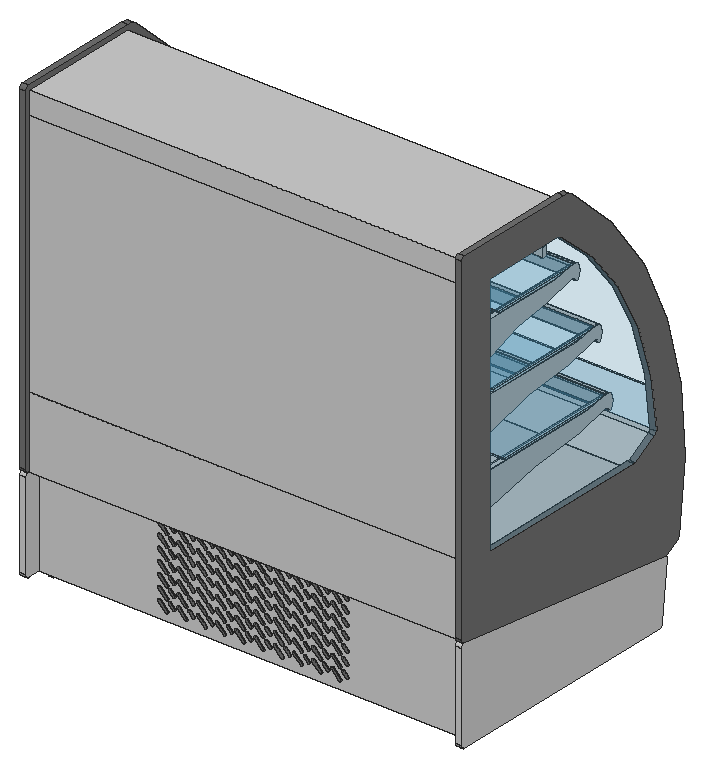
Revit family "QF_INFRICO_VBR12SS_250814022446", category Specialty Equipment, Revit 2021 (continued)
Definition of nested family "QF_INFRICO_VBR12SS_2920"
  Forms (mm)
    Extrusion 57, solid
      sketch origin (1643.376, -765.123, -1.698) x (-1, 0, 0) y (0, 0, 1)
        loop
          arc (874.612, 48.728) -> (874.612, 42.364) -> (880.976, 42.364) r 4.5
        loop
          line (860.219, 55.335) -> (871.532, 66.648)
          arc (871.532, 66.648) -> (871.532, 73.012) -> (865.168, 73.012) r 4.5
          line (865.168, 73.012) -> (853.855, 61.698)
          arc (853.855, 61.698) -> (853.855, 55.335) -> (860.219, 55.335) r 4.5
        loop
          line (880.976, 76.364) -> (902.896, 98.284)
          arc (902.896, 98.284) -> (902.896, 104.648) -> (896.532, 104.648) r 4.5
          line (896.532, 104.648) -> (874.612, 82.728)
          arc (874.612, 82.728) -> (874.612, 76.364) -> (880.976, 76.364) r 4.5
        loop
          line (860.219, 89.335) -> (871.532, 100.648)
          arc (871.532, 100.648) -> (871.532, 107.012) -> (865.168, 107.012) r 4.5
          line (865.168, 107.012) -> (853.855, 95.698)
          arc (853.855, 95.698) -> (853.855, 89.335) -> (860.219, 89.335) r 4.5
        loop
          line (880.976, 110.364) -> (902.896, 132.284)
          arc (902.896, 132.284) -> (902.896, 138.648) -> (896.532, 138.648) r 4.5
          line (896.532, 138.648) -> (874.612, 116.728)
          arc (874.612, 116.728) -> (874.612, 110.364) -> (880.976, 110.364) r 4.5
        loop
          line (860.219, 123.335) -> (871.532, 134.648)
          arc (871.532, 134.648) -> (871.532, 141.012) -> (865.168, 141.012) r 4.5
          line (865.168, 141.012) -> (853.855, 129.698)
          arc (853.855, 129.698) -> (853.855, 123.335) -> (860.219, 123.335) r 4.5
        loop
          line (880.976, 144.364) -> (902.896, 166.284)
          arc (902.896, 166.284) -> (902.896, 172.648) -> (896.532, 172.648) r 4.5
          line (896.532, 172.648) -> (874.612, 150.728)
          arc (874.612, 150.728) -> (874.612, 144.364) -> (880.976, 144.364) r 4.5
        loop
          line (860.219, 157.335) -> (871.532, 168.648)
          arc (871.532, 168.648) -> (871.532, 175.012) -> (865.168, 175.012) r 4.5
          line (865.168, 175.012) -> (853.855, 163.698)
          arc (853.855, 163.698) -> (853.855, 157.335) -> (860.219, 157.335) r 4.5
        loop
          line (880.976, 178.364) -> (902.896, 200.284)
          arc (902.896, 200.284) -> (902.896, 206.648) -> (896.532, 206.648) r 4.5
          line (896.532, 206.648) -> (874.612, 184.728)
          arc (874.612, 184.728) -> (874.612, 178.364) -> (880.976, 178.364) r 4.5
        loop
          line (860.219, 191.335) -> (871.532, 202.648)
          arc (871.532, 202.648) -> (871.532, 209.012) -> (865.168, 209.012) r 4.5
          line (865.168, 209.012) -> (853.855, 197.698)
          arc (853.855, 197.698) -> (853.855, 191.335) -> (860.219, 191.335) r 4.5
        loop
          line (880.976, 212.364) -> (902.896, 234.284)
          arc (902.896, 234.284) -> (902.896, 240.648) -> (896.532, 240.648) r 4.5
          line (896.532, 240.648) -> (874.612, 218.728)
          arc (874.612, 218.728) -> (874.612, 212.364) -> (880.976, 212.364) r 4.5
        loop
          line (860.219, 225.335) -> (871.532, 236.648)
          arc (871.532, 236.648) -> (871.532, 243.012) -> (865.168, 243.012) r 4.5
          line (865.168, 243.012) -> (853.855, 231.698)
          arc (853.855, 231.698) -> (853.855, 225.335) -> (860.219, 225.335) r 4.5
        loop
          line (880.976, 246.364) -> (902.896, 268.284)
          arc (902.896, 268.284) -> (902.896, 274.648) -> (896.532, 274.648) r 4.5
          line (896.532, 274.648) -> (874.612, 252.728)
          arc (874.612, 252.728) -> (874.612, 246.364) -> (880.976, 246.364) r 4.5
        loop
          line (860.219, 259.335) -> (871.532, 270.648)
          arc (871.532, 270.648) -> (871.532, 277.012) -> (865.168, 277.012) r 4.5
          line (865.168, 277.012) -> (853.855, 265.698)
          arc (853.855, 265.698) -> (853.855, 259.335) -> (860.219, 259.335) r 4.5
        loop
          line (824.976, 42.364) -> (846.896, 64.284)
          arc (846.896, 64.284) -> (846.896, 70.648) -> (840.532, 70.648) r 4.5
          line (840.532, 70.648) -> (818.612, 48.728)
          arc (818.612, 48.728) -> (818.612, 42.364) -> (824.976, 42.364) r 4.5
        loop
          line (804.219, 55.335) -> (815.532, 66.648)
          arc (815.532, 66.648) -> (815.532, 73.012) -> (809.168, 73.012) r 4.5
          line (809.168, 73.012) -> (797.855, 61.698)
          arc (797.855, 61.698) -> (797.855, 55.335) -> (804.219, 55.335) r 4.5
        loop
          line (824.976, 76.364) -> (846.896, 98.284)
          arc (846.896, 98.284) -> (846.896, 104.648) -> (840.532, 104.648) r 4.5
          line (840.532, 104.648) -> (818.612, 82.728)
          arc (818.612, 82.728) -> (818.612, 76.364) -> (824.976, 76.364) r 4.5
        loop
          line (804.219, 89.335) -> (815.532, 100.648)
          arc (815.532, 100.648) -> (815.532, 107.012) -> (809.168, 107.012) r 4.5
          line (809.168, 107.012) -> (797.855, 95.698)
          arc (797.855, 95.698) -> (797.855, 89.335) -> (804.219, 89.335) r 4.5
        loop
          line (824.976, 110.364) -> (846.896, 132.284)
          arc (846.896, 132.284) -> (846.896, 138.648) -> (840.532, 138.648) r 4.5
          line (840.532, 138.648) -> (818.612, 116.728)
          arc (818.612, 116.728) -> (818.612, 110.364) -> (824.976, 110.364) r 4.5
        loop
          line (804.219, 123.335) -> (815.532, 134.648)
          arc (815.532, 134.648) -> (815.532, 141.012) -> (809.168, 141.012) r 4.5
          line (809.168, 141.012) -> (797.855, 129.698)
          arc (797.855, 129.698) -> (797.855, 123.335) -> (804.219, 123.335) r 4.5
        loop
          line (824.976, 144.364) -> (846.896, 166.284)
          arc (846.896, 166.284) -> (846.896, 172.648) -> (840.532, 172.648) r 4.5
          line (840.532, 172.648) -> (818.612, 150.728)
          arc (818.612, 150.728) -> (818.612, 144.364) -> (824.976, 144.364) r 4.5
        loop
          line (804.219, 157.335) -> (815.532, 168.648)
          arc (815.532, 168.648) -> (815.532, 175.012) -> (809.168, 175.012) r 4.5
          line (809.168, 175.012) -> (797.855, 163.698)
          arc (797.855, 163.698) -> (797.855, 157.335) -> (804.219, 157.335) r 4.5
        loop
          line (824.976, 178.364) -> (846.896, 200.284)
          arc (846.896, 200.284) -> (846.896, 206.648) -> (840.532, 206.648) r 4.5
          line (840.532, 206.648) -> (818.612, 184.728)
          arc (818.612, 184.728) -> (818.612, 178.364) -> (824.976, 178.364) r 4.5
        loop
          line (804.219, 191.335) -> (815.532, 202.648)
          arc (815.532, 202.648) -> (815.532, 209.012) -> (809.168, 209.012) r 4.5
          line (809.168, 209.012) -> (797.855, 197.698)
          arc (797.855, 197.698) -> (797.855, 191.335) -> (804.219, 191.335) r 4.5
        loop
          line (824.976, 212.364) -> (846.896, 234.284)
          arc (846.896, 234.284) -> (846.896, 240.648) -> (840.532, 240.648) r 4.5
          line (840.532, 240.648) -> (818.612, 218.728)
          arc (818.612, 218.728) -> (818.612, 212.364) -> (824.976, 212.364) r 4.5
        loop
          line (804.219, 225.335) -> (815.532, 236.648)
          arc (815.532, 236.648) -> (815.532, 243.012) -> (809.168, 243.012) r 4.5
          line (809.168, 243.012) -> (797.855, 231.698)
          arc (797.855, 231.698) -> (797.855, 225.335) -> (804.219, 225.335) r 4.5
        loop
          line (824.976, 246.364) -> (846.896, 268.284)
          arc (846.896, 268.284) -> (846.896, 274.648) -> (840.532, 274.648) r 4.5
          line (840.532, 274.648) -> (818.612, 252.728)
          arc (818.612, 252.728) -> (818.612, 246.364) -> (824.976, 246.364) r 4.5
        loop
          line (804.219, 259.335) -> (815.532, 270.648)
          arc (815.532, 270.648) -> (815.532, 277.012) -> (809.168, 277.012) r 4.5
          line (809.168, 277.012) -> (797.855, 265.698)
          arc (797.855, 265.698) -> (797.855, 259.335) -> (804.219, 259.335) r 4.5
        loop
          line (768.976, 42.364) -> (790.896, 64.284)
          arc (790.896, 64.284) -> (790.896, 70.648) -> (784.532, 70.648) r 4.5
          line (784.532, 70.648) -> (762.612, 48.728)
          arc (762.612, 48.728) -> (762.612, 42.364) -> (768.976, 42.364) r 4.5
        loop
          line (748.219, 55.335) -> (759.532, 66.648)
          arc (759.532, 66.648) -> (759.532, 73.012) -> (753.168, 73.012) r 4.5
          line (753.168, 73.012) -> (741.855, 61.698)
          arc (741.855, 61.698) -> (741.855, 55.335) -> (748.219, 55.335) r 4.5
        loop
          line (768.976, 76.364) -> (790.896, 98.284)
          arc (790.896, 98.284) -> (790.896, 104.648) -> (784.532, 104.648) r 4.5
          line (784.532, 104.648) -> (762.612, 82.728)
          arc (762.612, 82.728) -> (762.612, 76.364) -> (768.976, 76.364) r 4.5
        loop
          line (748.219, 89.335) -> (759.532, 100.648)
          arc (759.532, 100.648) -> (759.532, 107.012) -> (753.168, 107.012) r 4.5
          line (753.168, 107.012) -> (741.855, 95.698)
          arc (741.855, 95.698) -> (741.855, 89.335) -> (748.219, 89.335) r 4.5
        loop
          line (768.976, 110.364) -> (790.896, 132.284)
          arc (790.896, 132.284) -> (790.896, 138.648) -> (784.532, 138.648) r 4.5
          line (784.532, 138.648) -> (762.612, 116.728)
          arc (762.612, 116.728) -> (762.612, 110.364) -> (768.976, 110.364) r 4.5
        loop
          line (748.219, 123.335) -> (759.532, 134.648)
          arc (759.532, 134.648) -> (759.532, 141.012) -> (753.168, 141.012) r 4.5
          line (753.168, 141.012) -> (741.855, 129.698)
          arc (741.855, 129.698) -> (741.855, 123.335) -> (748.219, 123.335) r 4.5
        loop
          line (768.976, 144.364) -> (790.896, 166.284)
          arc (790.896, 166.284) -> (790.896, 172.648) -> (784.532, 172.648) r 4.5
          line (784.532, 172.648) -> (762.612, 150.728)
          arc (762.612, 150.728) -> (762.612, 144.364) -> (768.976, 144.364) r 4.5
        loop
          line (748.219, 157.335) -> (759.532, 168.648)
          arc (759.532, 168.648) -> (759.532, 175.012) -> (753.168, 175.012) r 4.5
          line (753.168, 175.012) -> (741.855, 163.698)
          arc (741.855, 163.698) -> (741.855, 157.335) -> (748.219, 157.335) r 4.5
        loop
          line (768.976, 178.364) -> (790.896, 200.284)
          arc (790.896, 200.284) -> (790.896, 206.648) -> (784.532, 206.648) r 4.5
          line (784.532, 206.648) -> (762.612, 184.728)
          arc (762.612, 184.728) -> (762.612, 178.364) -> (768.976, 178.364) r 4.5
        loop
          line (748.219, 191.335) -> (759.532, 202.648)
          arc (759.532, 202.648) -> (759.532, 209.012) -> (753.168, 209.012) r 4.5
          line (753.168, 209.012) -> (741.855, 197.698)
          arc (741.855, 197.698) -> (741.855, 191.335) -> (748.219, 191.335) r 4.5
        loop
          line (768.976, 212.364) -> (790.896, 234.284)
          arc (790.896, 234.284) -> (790.896, 240.648) -> (784.532, 240.648) r 4.5
          line (784.532, 240.648) -> (762.612, 218.728)
          arc (762.612, 218.728) -> (762.612, 212.364) -> (768.976, 212.364) r 4.5
        loop
          line (748.219, 225.335) -> (759.532, 236.648)
          arc (759.532, 236.648) -> (759.532, 243.012) -> (753.168, 243.012) r 4.5
          line (753.168, 243.012) -> (741.855, 231.698)
          arc (741.855, 231.698) -> (741.855, 225.335) -> (748.219, 225.335) r 4.5
        loop
          line (768.976, 246.364) -> (790.896, 268.284)
          arc (790.896, 268.284) -> (790.896, 274.648) -> (784.532, 274.648) r 4.5
          line (784.532, 274.648) -> (762.612, 252.728)
          arc (762.612, 252.728) -> (762.612, 246.364) -> (768.976, 246.364) r 4.5
        loop
          line (748.219, 259.335) -> (759.532, 270.648)
          arc (759.532, 270.648) -> (759.532, 277.012) -> (753.168, 277.012) r 4.5
          line (753.168, 277.012) -> (741.855, 265.698)
          arc (741.855, 265.698) -> (741.855, 259.335) -> (748.219, 259.335) r 4.5
      from 0 to 2
    Extrusion 58, solid, visible <- "Show Logo"
      sketch origin (1362.72, -52.93, -305.042) x (-1, 0, 0) y (0, -0.045615, -0.998959)
        loop
          line (1208.799, -696.53) -> (1204.173, -696.53) -> (1204.173, -719.204) -> (1208.799, -719.204) -> (1208.799, -696.53)
        loop
          arc (1214.779, -713.006) -> (1215.36, -712.765) -> (1215.601, -712.184) r 0.822
          line (1215.601, -712.184) -> (1215.669, -711.361)
          arc (1215.669, -711.361) -> (1218.282, -712.674) -> (1221.141, -713.281) r 11.435
          arc (1221.141, -713.281) -> (1224.637, -712.075) -> (1226.121, -708.689) r 4.607
          line (1226.121, -708.689) -> (1226.121, -696.53) -> (1221.598, -696.53) -> (1221.598, -707.557)
          arc (1221.598, -707.557) -> (1220.929, -708.961) -> (1219.417, -709.324) r 1.806
          arc (1219.417, -709.324) -> (1217.528, -708.741) -> (1215.772, -707.832) r 11.052
          line (1215.772, -707.832) -> (1215.772, -696.53) -> (1211.283, -696.53) -> (1211.283, -713.006) -> (1214.779, -713.006)
        loop
          line (1238.557, -720.102) -> (1238.557, -717.255)
          arc (1238.557, -717.255) -> (1238.306, -716.65) -> (1237.7, -716.399) r 0.857
          line (1237.7, -716.399) -> (1236.045, -716.271)
          arc (1236.045, -716.271) -> (1234.956, -715.705) -> (1234.547, -714.548) r 1.67
          line (1234.547, -714.548) -> (1234.547, -712.938) -> (1238.249, -712.938) -> (1238.249, -709.374) -> (1234.547, -709.374) -> (1234.547, -696.53) -> (1230.024, -696.53) -> (1230.024, -709.374) -> (1227.351, -709.374) -> (1227.351, -712.703) -> (1230.024, -712.909) -> (1230.024, -715.062)
          arc (1230.024, -715.062) -> (1230.805, -717.616) -> (1232.881, -719.297) r 4.567
          arc (1232.881, -719.297) -> (1235.052, -719.926) -> (1237.306, -720.102) r 11.103
          line (1237.306, -720.102) -> (1238.557, -720.102)
        loop
          line (1239.479, -713.006) -> (1243.726, -713.006) -> (1243.899, -710.984)
          arc (1243.899, -710.984) -> (1246.197, -712.588) -> (1248.912, -713.28) r 7.833
          arc (1248.912, -713.28) -> (1249.531, -713.061) -> (1249.793, -712.458) r 0.824
          line (1249.793, -712.458) -> (1249.793, -710.265)
          arc (1249.793, -710.265) -> (1249.643, -709.758) -> (1249.241, -709.416) r 0.928
          line (1249.241, -709.416) -> (1248.077, -709.268)
          arc (1248.077, -709.268) -> (1245.873, -708.631) -> (1243.968, -707.352) r 7.435
          line (1243.968, -707.352) -> (1243.968, -696.53) -> (1239.479, -696.53) -> (1239.479, -713.006)
        loop
          line (1255.495, -696.53) -> (1251.006, -696.53) -> (1251.006, -713.006) -> (1255.495, -713.006) -> (1255.495, -696.53)
        loop
          line (1257.421, -701.327) -> (1257.421, -708.243)
          arc (1257.421, -708.243) -> (1258.571, -711.349) -> (1261.466, -712.959) r 4.772
          arc (1261.466, -712.959) -> (1264.493, -713.294) -> (1267.521, -712.959) r 13.851
          arc (1267.521, -712.959) -> (1270.524, -710.556) -> (1271.505, -706.838) r 6.132
          line (1271.505, -706.838) -> (1267.187, -706.838) -> (1267.187, -707.9)
          arc (1267.187, -707.9) -> (1266.64, -709.118) -> (1265.442, -709.705) r 1.965
          arc (1265.442, -709.705) -> (1264.547, -709.754) -> (1263.653, -709.705) r 8.196
          arc (1263.653, -709.705) -> (1262.417, -709.155) -> (1261.91, -707.9) r 1.806
          line (1261.91, -707.9) -> (1261.91, -701.67)
          arc (1261.91, -701.67) -> (1262.417, -700.415) -> (1263.653, -699.865) r 1.806
          arc (1263.653, -699.865) -> (1264.547, -699.816) -> (1265.442, -699.865) r 8.196
          arc (1265.442, -699.865) -> (1266.64, -700.452) -> (1267.187, -701.67) r 1.965
          line (1267.187, -701.67) -> (1267.187, -703.041) -> (1271.505, -703.041)
          arc (1271.505, -703.041) -> (1270.575, -699.134) -> (1267.521, -696.525) r 6.481
          arc (1267.521, -696.525) -> (1264.493, -696.266) -> (1261.466, -696.525) r 17.816
          arc (1261.466, -696.525) -> (1258.567, -698.188) -> (1257.421, -701.327) r 4.873
        loop
          line (1272.916, -701.329) -> (1272.916, -708.242)
          arc (1272.916, -708.242) -> (1273.993, -711.226) -> (1276.726, -712.837) r 4.676
          arc (1276.726, -712.837) -> (1278.515, -713.116) -> (1280.318, -713.28) r 28.371
          arc (1280.318, -713.28) -> (1282.122, -713.116) -> (1283.911, -712.837) r 28.371
          arc (1283.911, -712.837) -> (1286.644, -711.226) -> (1287.72, -708.242) r 4.676
          line (1287.72, -708.242) -> (1287.72, -701.329)
          arc (1287.72, -701.329) -> (1286.644, -698.345) -> (1283.911, -696.734) r 4.676
          arc (1283.911, -696.734) -> (1282.122, -696.455) -> (1280.318, -696.291) r 28.371
          arc (1280.318, -696.291) -> (1278.515, -696.455) -> (1276.726, -696.734) r 28.371
          arc (1276.726, -696.734) -> (1273.993, -698.345) -> (1272.916, -701.329) r 4.676
        loop
          arc (1277.405, -707.866) -> (1277.844, -709.015) -> (1278.936, -709.58) r 1.725
          arc (1278.936, -709.58) -> (1279.627, -709.653) -> (1280.318, -709.716) r 46.133
          arc (1280.318, -709.716) -> (1281.01, -709.653) -> (1281.701, -709.58) r 46.133
          arc (1281.701, -709.58) -> (1282.793, -709.015) -> (1283.231, -707.866) r 1.725
          line (1283.231, -707.866) -> (1283.231, -701.705)
          arc (1283.231, -701.705) -> (1282.793, -700.556) -> (1281.701, -699.991) r 1.725
          arc (1281.701, -699.991) -> (1281.01, -699.918) -> (1280.318, -699.856) r 46.133
          arc (1280.318, -699.856) -> (1279.627, -699.918) -> (1278.936, -699.991) r 46.133
          arc (1278.936, -699.991) -> (1277.844, -700.556) -> (1277.405, -701.705) r 1.725
          line (1277.405, -701.705) -> (1277.405, -707.866)
        loop
          line (1190.339, -696.543) -> (1170.042, -696.543)
          arc (1170.042, -696.543) -> (1168.969, -696.987) -> (1168.525, -698.059) r 1.516
          line (1168.525, -698.059) -> (1168.525, -703.891) -> (1164.346, -703.891)
          arc (1164.346, -703.891) -> (1163.591, -704.121) -> (1163.163, -704.782) r 1.147
          line (1163.163, -704.782) -> (1163.163, -706.211)
          arc (1163.163, -706.211) -> (1163.594, -707.258) -> (1164.662, -707.634) r 1.385
          line (1164.662, -707.634) -> (1165.861, -707.634) -> (1163.163, -710.332)
          arc (1163.163, -710.332) -> (1162.776, -711.266) -> (1163.163, -712.2) r 1.321
          line (1163.163, -712.2) -> (1163.886, -712.923)
          arc (1163.886, -712.923) -> (1164.841, -713.338) -> (1165.823, -712.991) r 1.422
          line (1165.823, -712.991) -> (1168.528, -710.286) -> (1168.528, -711.479)
          arc (1168.528, -711.479) -> (1168.938, -712.516) -> (1169.946, -712.992) r 1.516
          line (1169.946, -712.992) -> (1170.867, -712.992)
          arc (1170.867, -712.992) -> (1171.87, -712.514) -> (1172.278, -711.479) r 1.516
          line (1172.278, -711.479) -> (1172.278, -706.83) -> (1178.308, -701.336) -> (1178.308, -707.509) -> (1174.742, -711.075)
          arc (1174.742, -711.075) -> (1174.328, -712.073) -> (1174.742, -713.071) r 1.412
          line (1174.742, -713.071) -> (1175.394, -713.723)
          arc (1175.394, -713.723) -> (1176.442, -714.141) -> (1177.466, -713.667) r 1.428
          line (1177.466, -713.667) -> (1178.308, -712.825) -> (1178.308, -717.784)
          arc (1178.308, -717.784) -> (1178.723, -718.787) -> (1179.726, -719.203) r 1.418
          line (1179.726, -719.203) -> (1180.655, -719.203)
          arc (1180.655, -719.203) -> (1181.658, -718.787) -> (1182.073, -717.784) r 1.418
          line (1182.073, -717.784) -> (1182.073, -712.825) -> (1182.915, -713.667)
          arc (1182.915, -713.667) -> (1183.939, -714.141) -> (1184.987, -713.723) r 1.428
          line (1184.987, -713.723) -> (1185.639, -713.071)
          arc (1185.639, -713.071) -> (1186.053, -712.073) -> (1185.639, -711.075) r 1.412
          line (1185.639, -711.075) -> (1182.073, -707.509) -> (1182.073, -701.336) -> (1188.103, -706.83) -> (1188.103, -711.479)
          arc (1188.103, -711.479) -> (1188.511, -712.514) -> (1189.514, -712.992) r 1.516
          line (1189.514, -712.992) -> (1190.435, -712.992)
          arc (1190.435, -712.992) -> (1191.443, -712.516) -> (1191.853, -711.479) r 1.516
          line (1191.853, -711.479) -> (1191.853, -710.286) -> (1194.558, -712.991)
          arc (1194.558, -712.991) -> (1195.54, -713.338) -> (1196.495, -712.923) r 1.422
          line (1196.495, -712.923) -> (1197.218, -712.2)
          arc (1197.218, -712.2) -> (1197.605, -711.266) -> (1197.218, -710.332) r 1.321
          line (1197.218, -710.332) -> (1194.52, -707.634) -> (1195.719, -707.634)
          arc (1195.719, -707.634) -> (1196.787, -707.258) -> (1197.218, -706.211) r 1.385
          line (1197.218, -706.211) -> (1197.218, -704.782)
          arc (1197.218, -704.782) -> (1196.79, -704.121) -> (1196.035, -703.891) r 1.147
          line (1196.035, -703.891) -> (1191.856, -703.891) -> (1191.856, -698.059)
          arc (1191.856, -698.059) -> (1191.411, -696.987) -> (1190.339, -696.543) r 1.516
      from 0 to 2
    Extrusion 59, solid
      sketch origin (-1000, 0, 479) x (1, 0, 0) y (0, 1, 0)
        loop
          line (1000, -699.023) -> (1050, -699.023) -> (1050, -739.023) -> (2200, -739.023) -> (2200, -699.023) -> (2250, -699.023) -> (2250, -688.023) -> (1000, -688.023) -> (1000, -699.023)
      from 0 to 2
    Extrusion 60, solid
      sketch origin (0, 0, 0) x (0, 1, 0) y (0, 0, 1)
        loop
          line (-688.023, 479) -> (-690.023, 479) -> (-690.023, 448) -> (-688.023, 448) -> (-688.023, 479)
      from 0 to 1250
    Extrusion 61, solid
      sketch origin (0, -90.023, -30) x (1, 0, 0) y (0, 0, 1)
        loop
          line (40, 308) -> (40, 174) -> (232, 174) -> (232, 308) -> (40, 308)
      from 0 to 40
    Extrusion 62, solid
      sketch origin (1426.761, -90.023, -436.855) x (-1, 0, 0) y (0, 0, 1)
        loop
          arc (1199.261, 600.555) -> (1290.761, 599.555) -> (1382.261, 600.555) r 4186.625
          arc (1382.261, 600.555) -> (1383.261, 617.555) -> (1382.261, 634.555) r 145
          arc (1382.261, 634.555) -> (1290.761, 635.555) -> (1199.261, 634.555) r 4186.625
          arc (1199.261, 634.555) -> (1198.261, 617.555) -> (1199.261, 600.555) r 145
      from 0 to 5
    Extrusion 63, solid
      sketch origin (1407.761, -86.923, -436.855) x (-1, 0, 0) y (0, 0, 1)
        loop
          line (1212.261, 629.555) -> (1212.261, 605.555) -> (1262.261, 605.555) -> (1262.261, 629.555) -> (1212.261, 629.555)
      from 0 to 2
    Extrusion 64, solid
      sketch origin (-510, -1507.887, 385.642) x (0, -0.939923, 0.341387) y (0, -0.341387, -0.939923)
        loop
          line (-1405.094, -255.381) -> (-1402.363, -262.901) -> (-1376.569, -281.194) -> (-1373.837, -288.713) -> (-1371.922, -288.017) -> (-1374.924, -279.75) -> (-1400.516, -262.128) -> (-1403.214, -254.698) -> (-1405.094, -255.381)
        loop
          line (-1387.001, -305.197) -> (-1384.27, -312.717) -> (-1358.475, -331.01) -> (-1355.744, -338.529) -> (-1353.828, -337.833) -> (-1356.831, -329.566) -> (-1382.423, -311.944) -> (-1385.121, -304.514) -> (-1387.001, -305.197)
      from 742 to 1720
    Extrusion 65, solid
      sketch origin (-1186.261, -424.423, 613.945) x (1, 0, 0) y (0, 0, -1)
        loop
          line (1212.261, -629.555) -> (1262.261, -629.555) -> (1262.261, -605.555) -> (1212.261, -605.555) -> (1212.261, -629.555)
      from 0 to 2
    Extrusion 66, solid
      sketch origin (-32, 0, 0) x (0, 1, 0) y (0, 0, 1)
        loop
          line (-422.523, 1219.5) -> (-422.523, 1243.5)
          arc (-422.523, 1243.5) -> (-423.255, 1245.268) -> (-425.023, 1246) r 2.5
          line (-425.023, 1246) -> (-425.023, 1217)
          arc (-425.023, 1217) -> (-423.255, 1217.732) -> (-422.523, 1219.5) r 2.5
      from 44 to 122
    Extrusion 67, solid
      sketch origin (0, 0, 0) x (0, 1, 0) y (0, 0, 1)
        loop
          line (-466.023, 1276) -> (-511.023, 1276) -> (-511.023, 1220) -> (-489.023, 1220) -> (-489.023, 1181) -> (-488.023, 1181) -> (-488.023, 1220) -> (-466.023, 1220) -> (-466.023, 1276)
      from 0 to 1250
    Extrusion 68, solid
      sketch origin (0, 0, 0) x (0, 1, 0) y (0, 0, 1)
        loop
          line (-493.523, 1181) -> (-493.523, 1156)
          arc (-493.523, 1156) -> (-492.937, 1154.586) -> (-491.523, 1154) r 2
          line (-491.523, 1154) -> (-485.523, 1154)
          arc (-485.523, 1154) -> (-484.109, 1154.586) -> (-483.523, 1156) r 2
          line (-483.523, 1156) -> (-483.523, 1181) -> (-493.523, 1181)
      from 0 to 1250
    Extrusion 69, solid
      sketch origin (579, 0, 0) x (0, 1, 0) y (0, 0, 1)
        loop
          line (-481.523, 1152) -> (-481.523, 1164) -> (-483.523, 1164) -> (-483.523, 1156)
          arc (-483.523, 1156) -> (-484.109, 1154.586) -> (-485.523, 1154) r 2
          line (-485.523, 1154) -> (-491.523, 1154)
          arc (-491.523, 1154) -> (-492.937, 1154.586) -> (-493.523, 1156) r 2
          line (-493.523, 1156) -> (-493.523, 1167) -> (-495.523, 1167) -> (-495.523, 1152) -> (-481.523, 1152)
      from 0 to 92
    Extrusion 70, solid
      sketch origin (567, 0, 0) x (0, 1, 0) y (0, 0, 1)
        loop
          line (-491.523, 1127) -> (-485.523, 1127) -> (-485.523, 1154) -> (-491.523, 1154) -> (-491.523, 1127)
      from 0 to 12
    Extrusion 71, solid
      sketch origin (671, 0, 0) x (0, 1, 0) y (0, 0, 1)
        loop
          line (-491.523, 1127) -> (-485.523, 1127) -> (-485.523, 1154) -> (-491.523, 1154) -> (-491.523, 1127)
      from 0 to 12
    Sweep 72, solid
      path origin (296.5, -1000, 1131) x (1, 0, 0) y (0, 1, 0)
        loop
          arc (286.5, 530.477) -> (279.429, 527.548) -> (276.5, 520.477) r 10
          line (276.5, 520.477) -> (276.5, 494.477)
          arc (276.5, 494.477) -> (279.429, 487.406) -> (286.5, 484.477) r 10
          line (286.5, 484.477) -> (370.5, 484.477)
          arc (370.5, 484.477) -> (377.571, 487.406) -> (380.5, 494.477) r 10
          line (380.5, 494.477) -> (380.5, 520.477)
          arc (380.5, 520.477) -> (377.571, 527.548) -> (370.5, 530.477) r 10
      profile origin (573, -492.523, 1131) x (1, 0, 0) y (0, 0, 1)
        loop
          circle (0, 0) r 4
    Sweep 73, solid
      path origin (296.5, -469.523, 0) x (1, 0, 0) y (0, 0, 1)
        loop
          arc (370.5, 1131) -> (362.674, 1132.848) -> (356.5, 1138) r 17.5
          arc (356.5, 1138) -> (328.5, 1152) -> (300.5, 1138) r 35
          arc (300.5, 1138) -> (294.326, 1132.848) -> (286.5, 1131) r 17.5
      profile origin (590.826, -469.523, 1132.848) x (0.447214, 0, -0.894427) y (0, -1, 0)
        loop
          circle (0, 0) r 4
  Cuts and joins
    joined: Extrusion 59, Extrusion 60
  Lines and regions (mm)
    symbolic lines
      curve 1: line (1250, -800.023, 0) -> (1250, -810, 0)
      curve 2: line (1250, -810, 0) -> (1268, -810, 0)
      curve 3: line (1268, -810, 0) -> (1268, 0, 0)
      curve 4: line (1268, 0, 0) -> (1250, 0, 0)
      curve 5: line (1250, 0, 0) -> (1250, -18.791, 0)
      curve 6: line (1250, -18.791, 0) -> (0, -18.791, 0)
      curve 7: line (0, -18.791, 0) -> (0, 0, 0)
      curve 8: line (0, 0, 0) -> (-18, 0, 0)
      curve 9: line (-18, 0, 0) -> (-18, -810, 0)
      curve 10: line (-18, -810, 0) -> (0, -810, 0)
      curve 11: line (0, -810, 0) -> (0, -800.023, 0)
      curve 12: line (0, -800.023, 0) -> (1250, -800.023, 0)
      curve 13: line (0, -18.791, 0) -> (0, -800.023, 0)
      curve 14: line (1250, -800.023, 0) -> (1250, -18.791, 0)
      curve 15: line (1250, -49.195, 0) -> (0, -49.195, 0)
      curve 16: line (1250, -62.023, 0) -> (0, -62.023, 0)
      curve 17: line (0, -68.023, 0) -> (1250, -68.023, 0)
      curve 18: line (1250, -90.023, 0) -> (0, -90.023, 0)
      curve 19: line (0, -181.023, 0) -> (1250, -181.023, 0)
      curve 20: line (3, -236.023, 0) -> (3, -425.023, 0)
      curve 21: line (1250, -425.023, 0) -> (0, -425.023, 0)
      curve 22: line (1247, -425.023, 0) -> (1247, -236.023, 0)
      curve 23: line (3, -236.023, 0) -> (1247, -236.023, 0)
      curve 24: line (3, -356.023, 0) -> (1247, -356.023, 0)
      curve 25: line (3, -276.023, 0) -> (1247, -276.023, 0)
  Dimensions and locks
    plane 1 "Back" to plane 5 "Front" = 810 mm  (x2)
    plane 3 "Left" to plane 4 "Right" = 1250 mm
    plane 6 "Top" to level = 1300 mm  (x2)
    plane 4 "Right" to plane 3 "Left" = 1250 mm
    aligned and locked: level to plane 2
Definition of nested family "CONN_POINT_ELE_2D___Generic_Annotation"
  Parameters (values of type "CONN_POINT_ELE_2D___Generic_Annotation")
    Onboard connection annotation symbol visibility [instance] = yes
  Reference planes
    plane 1: y = 0
    plane 2: x = 0
  Lines and regions (mm)
    detail lines, visible <- "Onboard connection annotation symbol visibility"
      curve 1: circle (0, 0, 0) r 0.5 normal (0, 0, 1)
      curve 2: line (-1, 0, 0) -> (1, 0, 0)
      curve 3: line (0, 1, 0) -> (0, -1, 0)
      curve 4: line (2.5, 1, 0) -> (1.25, 1, 0)
      curve 5: line (1.25, 1, 0) -> (1.25, -1, 0)
      curve 6: line (1.25, -1, 0) -> (2.5, -1, 0)
      curve 7: line (1.25, 0, 0) -> (2, 0, 0)
